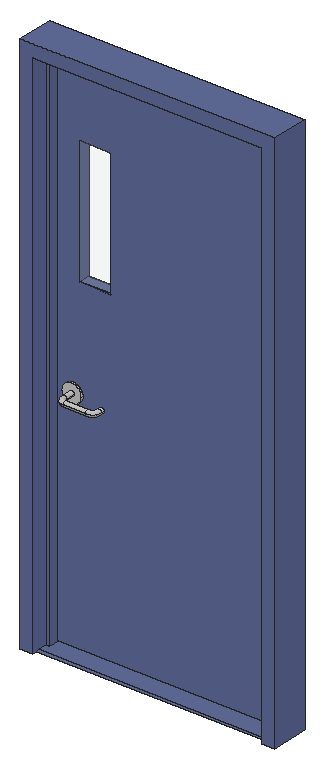
Revit family "Door_AcousticSteel_Ambico_Single-Vision", category Doors, host Wall, Revit 2026
Family settings
  Host = Wall
  Classification Number = 23.30.10.21.17.14
  Always vertical = Yes
  Cut with Voids When Loaded = No
  Shared = No
  Room Calculation Point = No
Parameters (values of type "ByType")
  ofst = if(AppliedPanel, 0' 1", 0' 0")  # 0' - 0"
  Wind Load = ""
  Water Penetration = ""
  Vision Lite Width [instance] = 0' - 5"
  Vision Lite Height [instance] = 1' - 8"
  Stile Width Latch [instance] = 0' - 4"
  StandardFrame = STCValue < 54  # yes
  Sound Transmission Class (STC) = 0
  Small Trim = and(STCValue > 48, STCValue < 53)  # no
  STCValue = 0
  Rail Width Top [instance] = 1' - 0"
  RO Offset = 0' - 0"
  Panel Height = Height - 0' 0 1/4"  # 6' - 11 3/4"
  Large Trim = STCValue = 53  # no
  HighSTCFrame = STCValue > 53  # no
  Hardware Finish = Metal - Stainless Steel - Ambico - 4 Finish
  Handle Type Interior [instance] = Handle_Generic Lever : Handle_Generic Lever
  Handle Type Exterior [instance] = Handle_Generic Lever : Handle_Generic Lever
  Handle Height [instance] = 3' - 0"
  Glass Type = Glass - Glazing - Ambico - Clear
  Glass Thickness = 0' - 1 1/2"
  Function = Interior
  Frame Width = 0' - 2"
  Frame Thickness = 0' - 5 7/8"
  Frame Inset from Exterior [instance] = 0' - 0"
  Frame Finish = Metal - Steel - Ambico - Painted - Blue
  Building Code Conformance = ""
  AppliedPanel = STCValue > 53  # no
  Air Infiltration = ""
  ASTM Conformance = ""
  Panel Width = Width  # 3' - 0"
  Panel Material = Metal - Steel - Ambico - Painted - Blue
  Manufacturer Phone = "613-746-4663 "
  Warranty Duration (Years) = 0
  URL = "http://www.ambico.com/"
  Thickness = 0' - 1 3/4"
  Test Data = ""
  Specification = "http://www.arcat.com/sd/clients/ambico.html?coid=40356"
  SpecWizard = ""
  Send Message = "http://www.arcat.com/users.pl?action=UserEmail&company=Ambico Limited&coid=40356&rep=119&fax=800-465-8561&mf="
  Sales Information = "http://www.ambico.com/contact.html"
  Rough Width = (Width + (RO Offset * 2))  # 3' - 0"
  Rough Height = (Height + (RO Offset))  # 7' - 0"
  R_Value = 0
  Product Properties = ""
  Product Data = "http://www.arcat.com/arcatcos/cos40/arc40356.html"
  Manufacturer Website = "http://www.ambico.com/"
  Manufacturer Phone - Toll Free = "888-423-2224"
  Manufacturer Fax = "800-465-8561"
  Manufacturer Address = "1120 Cummings Ave. Ottawa, ON Canada K1J 7R8"
  Maintenance Schedule (Months) = 0
  Installation-Fabrication = "http://www.ambico.com/specs-a-cads-library.html"
  Installation Phase = ""
  Green Building-LEED = "http://www.arcat.com/green/clients/leed_data_40356.html"
  Model = "As Specified"
  Manufacturer = "Ambico Limited"
  Keynote = "08300"
  Height = 7' - 0"
  Wall Closure = By host
  Width = 3' - 0"
  Fire Rating = "As Specified in 08300"
  Expected Lifespan (Years) = 0
  Drawn By = "Sumex Design, Inc. / Robert S. Weygant, CSI, CDT, SCIP"
  Description = "Ambico Door as Specified"
  Copyright = "©Arcat Inc."
  Construction Details = "http://www.arcat.com/details/ambico/ambico.html?coid=40356"
  Building Codes = ""
  Assembly Code = ""
  ADA Compliant = yes
  AAMA Designation = ""
Reference planes (in)
  plane 1 "Center (Front/Back)": y = -34.46225
  plane 2 "Center (Left/Right)": x = 62.28704
  plane 3: z = 0
  plane 4 "Right": x = 82.28704
  plane 5 "Left": x = 42.28704
  plane 6 "Closure": y = -36.46225
  plane 7: z = 0
  plane 8 "Top of Frame": z = 86
  plane 9 "RO Top": z = 86
  plane 10 "RO Right": x = 82.28704
  plane 11 "RO Left": x = 42.28704
  plane 12 "Frame Ext": y = -31.96225
  plane 13 "Frame Int": y = -37.83725
  plane 14: x = 80.28704
  plane 15: x = 44.28704
  plane 16: z = 84
  plane 17: z = 36
  plane 18: y = -33.71225
  plane 19: y = -33.71225
  plane 20: y = -31.96225
Forms (in)
  Sweep 1, solid, material "Metal - Steel - Ambico - Painted - Blue" <- "Frame Finish", visible <- "StandardFrame"
    path origin (1.99114, -31.96225, 48) x (-1, 0, 0) y (0, 0, 1)
      loop
        line (-80.2959, -48) -> (-80.2959, 38) -> (-40.2959, 38) -> (-40.2959, -48)
    profile "P_Frame_Standard : P_Frame_Standard" origin (82.28704, -31.96225, 43) x (1, 0, 0) y (0, 1, 0)
      loop
        line (0, 0) -> (-2, 0) -> (-2, -1.9375) -> (-2.625, -1.9375) -> (-2.625, -3.4375) -> (-2, -3.4375) -> (-2, -5.875) -> (0, -5.875) -> (0, 0)
  Sweep 2, solid, material "Metal - Steel - Ambico - Painted - Blue" <- "Frame Finish", visible <- "Small Trim"
    path origin (1.99114, -31.96225, 48) x (-1, 0, 0) y (0, 0, 1)
      loop
        line (-78.2959, -48) -> (-78.2959, 36) -> (-42.2959, 36) -> (-42.2959, -48)
    profile origin (80.28704, -31.96225, 42) x (1, 0, 0) y (0, 1, 0)
      loop
        line (-0.625, -1.9375) -> (-0.875, -1.9375) -> (-0.875, -2.9375) -> (-0.625, -2.9375) -> (-0.625, -1.9375)
  Sweep 3, solid, material "Metal - Steel - Ambico - Painted - Blue" <- "Frame Finish", visible <- "Large Trim"
    path origin (1.99114, -31.96225, 48) x (-1, 0, 0) y (0, 0, 1)
      loop
        line (-78.2959, -48) -> (-78.2959, 36) -> (-42.2959, 36) -> (-42.2959, -48)
    profile origin (80.28704, -31.96225, 42) x (1, 0, 0) y (0, 1, 0)
      loop
        line (-0.625, -1.9375) -> (-0.875, -1.9375) -> (-1.29687, -1.9375) -> (-1.29687, -2.9375) -> (-1.04687, -2.9375) -> (-1.04687, -3.4375) -> (-0.625, -3.4375) -> (-0.625, -1.9375)
  Sweep 4, solid, material "Metal - Steel - Ambico - Painted - Blue" <- "Frame Finish", visible <- "HighSTCFrame"
    path origin (1.99114, -31.96225, 48) x (-1, 0, 0) y (0, 0, 1)
      loop
        line (-80.2959, -48) -> (-80.2959, 38) -> (-40.2959, 38) -> (-40.2959, -48)
    profile "P_Frame_HighSTC : P_Frame_HighSTC" origin (82.28704, -31.96225, 43) x (1, 0, 0) y (0, 1, 0)
      loop
        line (0, 0) -> (-2, 0) -> (-2, -1.9375) -> (-2.5, -1.9375) -> (-2.5, -2.9375) -> (-3.3125, -2.9375) -> (-3.3125, -4.4375) -> (-2, -4.4375) -> (-2, -5.875) -> (0, -5.875) -> (0, 0)
  Extrusion 5, solid, material "Metal - Steel - Ambico - Painted - Blue" <- "Frame Finish"
    sketch origin (44.28704, 12, 120.75512) x (0, 0, 1) y (0, 1, 0)
      loop
        line (-120.50512, -43.96225) -> (-120.75512, -43.81791) -> (-120.75512, -49.10658) -> (-120.50512, -48.96225) -> (-120.50512, -43.96225)
    from 0 to -36
Lines and regions (in)
  Opening 1
    outline origin (-109.33485, -36.46225, 0) x (1, 0, 0) y (0, 0, 1)
      loop
        line (151.62189, 0) -> (191.62189, 0) -> (191.62189, 86) -> (151.62189, 86) -> (151.62189, 0)
Text (in)
  text "Exterior" at (50.54558, 27.31104, 0), in view "A101 - Plan View"
  text "Interior" at (50.54558, -25.14366, 0), in view "A101 - Plan View"
  text "Exterior" at (0, -17.98638, 123.01588), in view "Right"
  text "Interior" at (0, -64.39139, 123.01588), in view "Right"
  text "Interior" at (0, -52.09468, 121.14095), in view "Left"
  text "Exterior" at (0, 26.35325, 123.00693), in view "Left"
Dimensions and locks (in)
  equal spacing: plane 4 "Right", plane 2 "Center (Left/Right)", plane 5 "Left"
  "RO Offset": plane 5 "Left" to plane 11 "RO Left"
  "RO Offset": plane 10 "RO Right" to plane 4 "Right"
  "RO Offset": plane 9 "RO Top" to plane 8 "Top of Frame"
  "Frame Thickness": plane 12 "Frame Ext" to plane 13 "Frame Int"
  "Frame Width": plane 16 to plane 8 "Top of Frame"
  "Frame Width": plane 4 "Right" to plane 14
  "Frame Width": plane 5 "Left" to plane 15
  "Frame Inset from Exterior": plane 20 to plane 12 "Frame Ext"
  "Handle Height": level to plane 17
  locked: plane 15 to nested 3 at 3
  locked: plane 15 to nested 2 at 3
  "Thickness": plane 12 "Frame Ext" to plane 19
  "ofst": plane 18 to plane 19
  locked: plane 20 to host wall at 0.5
  "Height": level to plane 16
  "Width": plane 15 to plane 14
  locked: plane 12 "Frame Ext" to Extrusion 5 sketch curve at 5
  aligned and locked: host wall to plane 1 "Center (Front/Back)"
  aligned and locked: host wall to plane 6 "Closure"
  aligned and locked: plane 2 "Center (Left/Right)" to nested 1
  aligned and locked: plane 12 "Frame Ext" to nested 1
  aligned and locked: plane 17 to nested 3
  aligned and locked: nested 2 to plane 17
  aligned and locked: Extrusion 5 to plane 14
Automatic sketch dimensions
  Opening 1 sketch curve to plane 9 "RO Top" = 0' - 0"
  Opening 1 sketch curve to plane 11 "RO Left" = 0' - 0"
  Opening 1 sketch curve to plane 10 "RO Right" = 0' - 0"
  Opening 1 sketch curve to level = 0' - 0"
  Sweep 1 sketch curve to plane 4 "Right" = 0' - 0"
  Sweep 1 sketch curve to plane 5 "Left" = 0' - 0"
  Sweep 1 sketch curve to level = 0' - 0"  (x2)
  Sweep 1 sketch curve to plane 8 "Top of Frame" = 0' - 0"
  Sweep 2 sketch curve to plane 14 = 0' - 0"
  Sweep 2 sketch curve to plane 15 = 0' - 0"
  Sweep 2 sketch curve to level = 0' - 0"  (x2)
  Sweep 2 sketch curve to plane 16 = 0' - 0"
  profile plane to Sweep 2 sketch curve = 0' - 0 7/8"
  Sweep 2 sketch curve to Sweep 2 sketch curve = 0' - 0 1/4"
  Sweep 2 sketch curve to plane 12 "Frame Ext" = 0' - 2 15/16"
  Sweep 2 sketch curve to Sweep 2 sketch curve = 0' - 1"
  Sweep 3 sketch curve to plane 14 = 0' - 0"
  Sweep 3 sketch curve to plane 15 = 0' - 0"
  Sweep 3 sketch curve to level = 0' - 0"  (x2)
  Sweep 3 sketch curve to plane 16 = 0' - 0"
  profile plane to Sweep 3 sketch curve = 0' - 1 19/64"
  Sweep 3 sketch curve to Sweep 3 sketch curve = 0' - 0 1/4"  (x2)
  Sweep 3 sketch curve to Sweep 3 sketch curve = 0' - 0 27/64"
  Sweep 3 sketch curve to plane 12 "Frame Ext" = 0' - 3 7/16"
  Sweep 3 sketch curve to Sweep 3 sketch curve = 0' - 0 1/2"
  Sweep 3 sketch curve to Sweep 3 sketch curve = 0' - 1"
  Sweep 4 sketch curve to plane 4 "Right" = 0' - 0"
  Sweep 4 sketch curve to plane 5 "Left" = 0' - 0"
  Sweep 4 sketch curve to level = 0' - 0"  (x2)
  Sweep 4 sketch curve to plane 8 "Top of Frame" = 0' - 0"
  Extrusion 5 sketch curve to level = 0' - 0"
  Extrusion 5 sketch curve to plane 12 "Frame Ext" = 0' - 0"
  level to Extrusion 5 sketch curve = 0' - 0 1/4"
  Extrusion 5 sketch curve to Extrusion 5 sketch curve = 0' - 0.14434"
  plane 12 "Frame Ext" to Extrusion 5 sketch curve = 0' - 0.14434"
Nested families (in)
  nested 1: "Panel_VisionLite" at (62.28704, -32.83725, 0.25) x (-1, 0, 0) z (0, 0, 1), Material <- "Panel Material", Width <- "Panel Width", Thickness <- "Thickness", Height <- "Panel Height", Applied Panel <- "AppliedPanel", Glass Type <- "Glass Type", Vision Lite Width <- "Vision Lite Width", Vision Lite Height <- "Vision Lite Height", Stile Width_Latch <- "Stile Width Latch", Rail Width_Top <- "Rail Width Top", Glass Thickness <- "Glass Thickness", type "Panel_VisionLite"
    with offset 0' - 0", Width 3' - 0", Vision Lite Width 0' - 5", Vision Lite Height 1' - 8", Thickness 0' - 1 3/4", Stile Width_Latch 0' - 4", Rail Width_Top 1' - 0", Offset 0' - 1", Material Metal - Steel - Ambico - Painted - Blue, Inactive Leaf no, Height 6' - 11 3/4", Glass Type Glass - Glazing - Ambico - Clear, Glass Thickness 0' - 1 1/2", Applied Panel no
  nested 2: "Handle_Generic Lever" at (47.28704, -31.96225, 36) x (-1, 0, 0) z (0, 1, 0), Material <- "Hardware Finish", type <- "Handle Type Exterior", type "Handle_Generic Lever"
    with Material Metal - Stainless Steel - Ambico - 4 Finish
  nested 3: "Handle_Generic Lever" at (47.28704, -33.71225, 36) x (-1, 0, 0) z (0, -1, 0), Material <- "Hardware Finish", type <- "Handle Type Interior", type "Handle_Generic Lever"
    with Material Metal - Stainless Steel - Ambico - 4 Finish
Definition of nested family "Panel_VisionLite"
  Parameters
    offset [instance] = 0' - 0"
    Width [instance] = 3' - 0"
    Warranty Duration (Years) = 0
    Vision Lite Width [instance] = 0' - 5"
    Vision Lite Height [instance] = 1' - 8"
    URL = "http://www.ambico.com/"
    Thickness [instance] = 0' - 2"
    Stile Width_Latch [instance] = 0' - 4"
    Specification = "http://www.arcat.com/sd/clients/ambico.html?coid=40356"
    SpecWizard = ""
    Send Message = "http://www.arcat.com/users.pl?action=UserEmail&company=Ambico Limited&coid=40356&rep=119&fax=800-465-8561&mf="
    Sales Information = "http://www.ambico.com/contact.html"
    Revision = "R1_03-2012"
    Rail Width_Top [instance] = 1' - 0"
    Product Properties = ""
    Product Data = "http://www.arcat.com/arcatcos/cos40/arc40356.html"
    Offset [instance] = if(Inactive Leaf, 0' 0", 0' 1")  # 0' - 0"
    Model = "As Specified"
    Material [instance] = none
    Manufacturer Website = "http://www.ambico.com/"
    Manufacturer Phone - Toll Free = "888-423-2224"
    Manufacturer Phone = "613-746-4663 "
    Manufacturer Fax = "800-465-8561"
    Manufacturer Address = "1120 Cummings Ave. Ottawa, ON Canada K1J 7R8"
    Manufacturer = "Ambico Limited"
    Maintenance Schedule (Months) = 0
    Keynote = "08300"
    Installation-Fabrication = "http://www.ambico.com/specs-a-cads-library.html"
    Installation Phase = ""
    Inactive Leaf [instance] = yes
    Height [instance] = 7' - 0"
    Green Building-LEED = "http://www.arcat.com/green/clients/leed_data_40356.html"
    Glass Type [instance] = none
    Glass Thickness [instance] = 0' - 1 1/2"
    Expected Lifespan (Years) = 0
    Drawn By = "Sumex Design, Inc. / Robert S. Weygant, CSI, CDT, SCIP"
    Description = "Ambico Door Product as Specified"
    Default Elevation = 4' - 0"
    Copyright = "©Arcat Inc."
    Construction Details = "http://www.arcat.com/details/ambico/ambico.html?coid=40356"
    Assembly Code = ""
    Applied Panel [instance] = yes
  Reference planes (in)
    plane 1 "Center (Front/Back)": y = 0
    plane 2 "Bottom": z = 0
    plane 3 "Center (Left/Right)": x = 0
    plane 4 "Front": y = -1
    plane 5 "Back": y = 1
    plane 6 "Left": x = -18
    plane 7 "Right": x = 18
    plane 8 "Top": z = 84
    plane 9: z = 42
    plane 10: x = 14
    plane 11: x = 9
    plane 12: z = 72
    plane 13: z = 52
    plane 14: y = 0.75
    plane 15: y = -0.75
    plane 16: x = 18.5
  Forms (in)
    Extrusion 1, solid, material <- "Material"
      sketch origin (0, 1, 0) x (-1, 0, 0) y (0, 0, 1)
        loop
          line (18, 84) -> (-18, 84) -> (-18, 0) -> (18, 0) -> (18, 84)
        loop
          line (-9, 72) -> (-14, 72) -> (-14, 52) -> (-9, 52) -> (-9, 72)
      from 0 to -2
    Extrusion 2, solid, material <- "Glass Type"
      sketch origin (0, 0.75, 85.37231) x (0, 0, 1) y (-1, 0, 0)
        loop
          line (-13.37231, -9) -> (-33.37231, -9) -> (-33.37231, -14) -> (-13.37231, -14) -> (-13.37231, -9)
      from 0 to 1.5
    Sweep 3, solid, material <- "Material"
      path origin (0, 1, 0) x (-1, 0, 0) y (0, 0, 1)
        loop
          line (-9, 72) -> (-14, 72) -> (-14, 52) -> (-9, 52) -> (-9, 72)
      profile origin (11.5, 1, 72) x (0, 0, -1) y (0, 1, 0)
        loop
          line (0, 0) -> (0, 0.125) -> (-1.5, 0.125) -> (-1.5, 0) -> (0, 0)
    Extrusion 4, solid, material <- "Material", visible <- "Applied Panel"
      sketch origin (-11.94222, -1, 48) x (-1, 0, 0) y (0, 0, 1)
        loop
          line (5.55778, 35.5) -> (-30.44222, 35.5) -> (-30.44222, -48) -> (5.55778, -48) -> (5.55778, 35.5)
        loop
          line (-20.94222, 24) -> (-25.94222, 24) -> (-25.94222, 4) -> (-20.94222, 4) -> (-20.94222, 24)
      from 0 to -1
  Cuts and joins
    joined: Extrusion 1, Sweep 3
  Lines and regions (in)
    symbolic lines
      curve 1: line (18, 0, 84) -> (-18, 0, 42)
      curve 2: line (-18, 0, 42) -> (18, 0, 0)
      curve 3: arc (18, 1, 0) -> (7.45584, 26.45584, 0) -> (-18, 37, 0) r 36
      curve 4: line (-18, 37, 0) -> (-18, 1, 0)
  Dimensions and locks (in)
    equal spacing: plane 6 "Left", plane 3 "Center (Left/Right)", plane 7 "Right"
    "Width": plane 6 "Left" to plane 7 "Right"
    equal spacing: plane 5 "Back", plane 1 "Center (Front/Back)", plane 4 "Front"
    "Thickness": plane 5 "Back" to plane 4 "Front"
    "Height": plane 8 "Top" to level
    equal spacing: plane 8 "Top", plane 9, level
    "Stile Width_Latch": plane 7 "Right" to plane 10
    "Vision Lite Width": plane 10 to plane 11
    "Rail Width_Top": plane 8 "Top" to plane 12
    "Vision Lite Height": plane 12 to plane 13
    equal spacing: plane 14, plane 1 "Center (Front/Back)", plane 15
    "Glass Thickness": plane 14 to plane 15
    locked: plane 16 to plane 7 "Right" at 0.5
    "Offset": plane 16 to Extrusion 4 sketch curve
    aligned and locked: Extrusion 1 to plane 4 "Front"
    aligned and locked: Extrusion 2 to plane 15
  Automatic sketch dimensions
    curve 1 to plane 6 "Left" = 0' - 0"
    curve 2 to level = 0' - 0"
    curve 2 to plane 7 "Right" = 0' - 0"
    curve 1 to plane 7 "Right" = 0' - 0"
    curve 1 to plane 9 = 0' - 0"
    curve 1 to plane 8 "Top" = 0' - 0"
    Extrusion 1 sketch curve to plane 7 "Right" = 0' - 0"
    Extrusion 1 sketch curve to plane 10 = 0' - 0"
    Extrusion 1 sketch curve to plane 11 = 0' - 0"
    Extrusion 1 sketch curve to plane 6 "Left" = 0' - 0"
    Extrusion 1 sketch curve to level = 0' - 0"
    Extrusion 1 sketch curve to plane 13 = 0' - 0"
    Extrusion 1 sketch curve to plane 12 = 0' - 0"
    Extrusion 1 sketch curve to plane 8 "Top" = 0' - 0"
    Extrusion 2 sketch curve to plane 11 = 0' - 0"
    Extrusion 2 sketch curve to plane 13 = 0' - 0"
    Extrusion 2 sketch curve to plane 12 = 0' - 0"
    Extrusion 2 sketch curve to plane 10 = 0' - 0"
    Sweep 3 sketch curve to plane 10 = 0' - 0"
    Sweep 3 sketch curve to plane 11 = 0' - 0"
    Sweep 3 sketch curve to plane 13 = 0' - 0"
    Sweep 3 sketch curve to plane 12 = 0' - 0"
    Sweep 3 sketch curve to plane 5 "Back" = 0' - 0"
    Sweep 3 sketch curve to profile plane = 0' - 0"
    plane 5 "Back" to Sweep 3 sketch curve = 0' - 0 1/8"
    profile plane to Sweep 3 sketch curve = 0' - 1 1/2"
    curve 4 to plane 5 "Back" = 0' - 0"
    curve 3 to plane 6 "Left" = 0' - 0"
    curve 3 to plane 5 "Back" = 0' - 0"
    curve 3 to plane 7 "Right" = 0' - 0"
    Extrusion 4 sketch curve to level = 0' - 0"
    Extrusion 4 sketch curve to plane 10 = 0' - 0"
    Extrusion 4 sketch curve to plane 11 = 0' - 0"
    Extrusion 4 sketch curve to plane 13 = 0' - 0"
    Extrusion 4 sketch curve to plane 12 = 0' - 0"
    plane 6 "Left" to Extrusion 4 sketch curve = 0' - 0 1/2"
    Extrusion 4 sketch curve to plane 8 "Top" = 0' - 0 1/2"
Definition of nested family "Handle_Generic Lever"
  Parameters
    Material [instance] = none
    Default Elevation = 4' - 0"
  Reference planes (in)
    plane 1 "Center (Front/Back)": y = 0
    plane 2: z = 0
    plane 3 "Center (Left/Right)": x = 0
  Forms (in)
    Sweep 1, solid, material <- "Material"
      path origin (0, 0, 0) x (1, 0, 0) y (0, 0, 1)
        loop
          line (0, 0) -> (0, 1.76511)
          arc (0, 1.76511) -> (-0.29289, 2.47221) -> (-1, 2.76511) r 1
          line (-1, 2.76511) -> (-4.5, 2.76511)
          arc (-4.5, 2.76511) -> (-5.20711, 2.47221) -> (-5.5, 1.76511) r 1
          line (-5.5, 1.76511) -> (-5.5, 1.26511)
      profile origin (0, 0, 0.88255) x (-1, 0, 0) y (0, -1, 0)
        loop
          circle (0, 0) r 0.375
    Extrusion 2, solid, material <- "Material"
      sketch origin (0, 0, 0) x (1, 0, 0) y (0, 1, 0)
        loop
          circle (0, 0) r 1.5
      from 0 to 0.25
  Cuts and joins
    joined: Sweep 1, Extrusion 2
